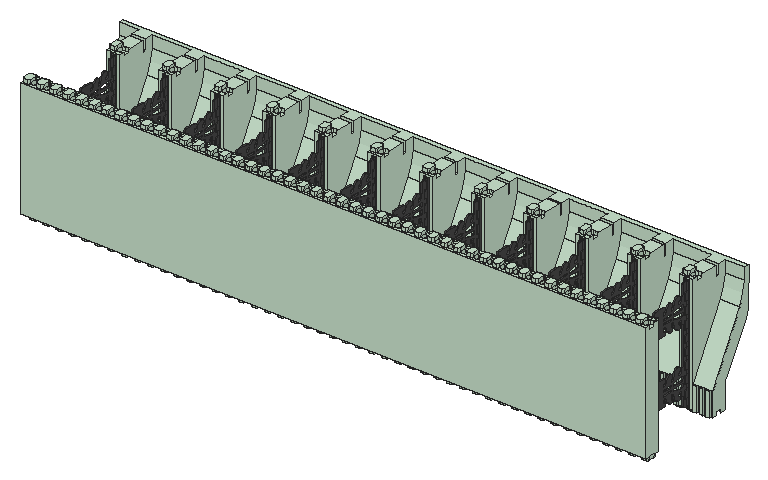
Revit family "ICF- NUDURA 10-inch- Brick Ledge Form Unit- Imperial", category Generic Models, Revit 2010 (continued)
Forms (in)
  Extrusion 106, void
    sketch origin (90, -4, 0) x (-1, 0, 0) y (0, -1, 0)
      loop
        line (2, 3.97692) -> (2, 4.89808)
        arc (2, 4.89808) -> (1.95215, 5.04517) -> (1.82692, 5.13595) r 0.25
        arc (1.82692, 5.13595) -> (1.5, 5.1875) -> (1.17308, 5.13595) r 1.0625
        arc (1.17308, 5.13595) -> (1.04785, 5.04517) -> (1, 4.89808) r 0.25
    from 0 to 0.5
  Extrusion 107, void
    sketch origin (92, -4, 0) x (-1, 0, 0) y (0, -1, 0)
      loop
        line (1, 4.89808) -> (1, 3.97692)
        arc (1, 3.97692) -> (1.04785, 3.82983) -> (1.17308, 3.73905) r 0.25
        arc (1.17308, 3.73905) -> (1.42092, 3.69045) -> (1.67323, 3.70172) r 1.0625
        arc (1.67323, 3.70172) -> (1.72385, 3.68771) -> (1.74592, 3.64005) r 0.0625
        line (1.74592, 3.64005) -> (1.74592, 3.41845) -> (1.91675, 3.41845) -> (1.91675, 3.76455)
        arc (1.91675, 3.76455) -> (1.92106, 3.78736) -> (1.9334, 3.80702) r 0.0625
        arc (1.9334, 3.80702) -> (1.98276, 3.88568) -> (2, 3.97692) r 0.25
        line (2, 3.97692) -> (2, 4.89808)
        arc (2, 4.89808) -> (1.95215, 5.04517) -> (1.82692, 5.13595) r 0.25
        arc (1.82692, 5.13595) -> (1.5, 5.1875) -> (1.17308, 5.13595) r 1.0625
        arc (1.17308, 5.13595) -> (1.04785, 5.04517) -> (1, 4.89808) r 0.25
    from 0 to 0.5
  Extrusion 108, void
    sketch origin (94, -4, 0) x (-1, 0, 0) y (0, -1, 0)
      loop
        line (1, 4.89808) -> (1, 3.97692)
        arc (1, 3.97692) -> (1.04785, 3.82983) -> (1.17308, 3.73905) r 0.25
        arc (1.17308, 3.73905) -> (1.42092, 3.69045) -> (1.67323, 3.70172) r 1.0625
        arc (1.67323, 3.70172) -> (1.72385, 3.68771) -> (1.74592, 3.64005) r 0.0625
        line (1.74592, 3.64005) -> (1.74592, 3.41845) -> (1.91675, 3.41845) -> (1.91675, 3.76455)
        arc (1.91675, 3.76455) -> (1.92106, 3.78736) -> (1.9334, 3.80702) r 0.0625
        arc (1.9334, 3.80702) -> (1.98276, 3.88568) -> (2, 3.97692) r 0.25
        line (2, 3.97692) -> (2, 4.89808)
        arc (2, 4.89808) -> (1.95215, 5.04517) -> (1.82692, 5.13595) r 0.25
        arc (1.82692, 5.13595) -> (1.5, 5.1875) -> (1.17308, 5.13595) r 1.0625
        arc (1.17308, 5.13595) -> (1.04785, 5.04517) -> (1, 4.89808) r 0.25
    from 0 to 0.5
  Extrusion 109, void
    sketch origin (96, -4, 0) x (-1, 0, 0) y (0, -1, 0)
      loop
        line (1, 4.89808) -> (1, 3.97692)
        arc (1, 3.97692) -> (1.04785, 3.82983) -> (1.17308, 3.73905) r 0.25
        arc (1.17308, 3.73905) -> (1.42092, 3.69045) -> (1.67323, 3.70172) r 1.0625
        arc (1.67323, 3.70172) -> (1.72385, 3.68771) -> (1.74592, 3.64005) r 0.0625
        line (1.74592, 3.64005) -> (1.74592, 3.41845) -> (1.91675, 3.41845) -> (1.91675, 3.76455)
        arc (1.91675, 3.76455) -> (1.92106, 3.78736) -> (1.9334, 3.80702) r 0.0625
        arc (1.9334, 3.80702) -> (1.98276, 3.88568) -> (2, 3.97692) r 0.25
        line (2, 3.97692) -> (2, 4.89808)
        arc (2, 4.89808) -> (1.95215, 5.04517) -> (1.82692, 5.13595) r 0.25
        arc (1.82692, 5.13595) -> (1.5, 5.1875) -> (1.17308, 5.13595) r 1.0625
        arc (1.17308, 5.13595) -> (1.04785, 5.04517) -> (1, 4.89808) r 0.25
    from 0 to 0.5
  Extrusion 110, void
    sketch origin (94, 0, 0) x (1, 0, 0) y (0, 1, 0)
      loop
        line (1, 4.89808) -> (1, 3.97692)
        arc (1, 3.97692) -> (1.04785, 3.82983) -> (1.17308, 3.73905) r 0.25
        arc (1.17308, 3.73905) -> (1.42092, 3.69045) -> (1.67323, 3.70172) r 1.0625
        arc (1.67323, 3.70172) -> (1.72385, 3.68771) -> (1.74592, 3.64005) r 0.0625
        line (1.74592, 3.64005) -> (1.74592, 3.41845) -> (1.91675, 3.41845) -> (1.91675, 3.76455)
        arc (1.91675, 3.76455) -> (1.92106, 3.78736) -> (1.9334, 3.80702) r 0.0625
        arc (1.9334, 3.80702) -> (1.98276, 3.88568) -> (2, 3.97692) r 0.25
        line (2, 3.97692) -> (2, 4.89808)
        arc (2, 4.89808) -> (1.95215, 5.04517) -> (1.82692, 5.13595) r 0.25
        arc (1.82692, 5.13595) -> (1.5, 5.1875) -> (1.17308, 5.13595) r 1.0625
        arc (1.17308, 5.13595) -> (1.04785, 5.04517) -> (1, 4.89808) r 0.25
    from 0 to 0.5
  Extrusion 111, void
    sketch origin (92, 0, 0) x (1, 0, 0) y (0, 1, 0)
      loop
        line (1, 4.89808) -> (1, 3.97692)
        arc (1, 3.97692) -> (1.04785, 3.82983) -> (1.17308, 3.73905) r 0.25
        arc (1.17308, 3.73905) -> (1.42092, 3.69045) -> (1.67323, 3.70172) r 1.0625
        arc (1.67323, 3.70172) -> (1.72385, 3.68771) -> (1.74592, 3.64005) r 0.0625
        line (1.74592, 3.64005) -> (1.74592, 3.41845) -> (1.91675, 3.41845) -> (1.91675, 3.76455)
        arc (1.91675, 3.76455) -> (1.92106, 3.78736) -> (1.9334, 3.80702) r 0.0625
        arc (1.9334, 3.80702) -> (1.98276, 3.88568) -> (2, 3.97692) r 0.25
        line (2, 3.97692) -> (2, 4.89808)
        arc (2, 4.89808) -> (1.95215, 5.04517) -> (1.82692, 5.13595) r 0.25
        arc (1.82692, 5.13595) -> (1.5, 5.1875) -> (1.17308, 5.13595) r 1.0625
        arc (1.17308, 5.13595) -> (1.04785, 5.04517) -> (1, 4.89808) r 0.25
    from 0 to 0.5
  Extrusion 112, void
    sketch origin (90, 0, 0) x (1, 0, 0) y (0, 1, 0)
      loop
        line (1, 4.89808) -> (1, 3.97692)
        arc (1, 3.97692) -> (1.04785, 3.82983) -> (1.17308, 3.73905) r 0.25
        arc (1.17308, 3.73905) -> (1.42092, 3.69045) -> (1.67323, 3.70172) r 1.0625
        arc (1.67323, 3.70172) -> (1.72385, 3.68771) -> (1.74592, 3.64005) r 0.0625
        line (1.74592, 3.64005) -> (1.74592, 3.41845) -> (1.91675, 3.41845) -> (1.91675, 3.76455)
        arc (1.91675, 3.76455) -> (1.92106, 3.78736) -> (1.9334, 3.80702) r 0.0625
        arc (1.9334, 3.80702) -> (1.98276, 3.88568) -> (2, 3.97692) r 0.25
        line (2, 3.97692) -> (2, 4.89808)
        arc (2, 4.89808) -> (1.95215, 5.04517) -> (1.82692, 5.13595) r 0.25
        arc (1.82692, 5.13595) -> (1.5, 5.1875) -> (1.17308, 5.13595) r 1.0625
        arc (1.17308, 5.13595) -> (1.04785, 5.04517) -> (1, 4.89808) r 0.25
    from 0 to 0.5
  Extrusion 113, void
    sketch origin (88, 0, 0) x (1, 0, 0) y (0, 1, 0)
      loop
        line (1, 4.89808) -> (1, 3.97692)
        arc (1, 3.97692) -> (1.04785, 3.82983) -> (1.17308, 3.73905) r 0.25
        arc (1.17308, 3.73905) -> (1.42092, 3.69045) -> (1.67323, 3.70172) r 1.0625
        arc (1.67323, 3.70172) -> (1.72385, 3.68771) -> (1.74592, 3.64005) r 0.0625
        line (1.74592, 3.64005) -> (1.74592, 3.41845) -> (1.91675, 3.41845) -> (1.91675, 3.76455)
        arc (1.91675, 3.76455) -> (1.92106, 3.78736) -> (1.9334, 3.80702) r 0.0625
        arc (1.9334, 3.80702) -> (1.98276, 3.88568) -> (2, 3.97692) r 0.25
        line (2, 3.97692) -> (2, 4.89808)
        arc (2, 4.89808) -> (1.95215, 5.04517) -> (1.82692, 5.13595) r 0.25
        arc (1.82692, 5.13595) -> (1.5, 5.1875) -> (1.17308, 5.13595) r 1.0625
        arc (1.17308, 5.13595) -> (1.04785, 5.04517) -> (1, 4.89808) r 0.25
    from 0 to 0.5
  Extrusion 114, void
    sketch origin (86, 0, 0) x (1, 0, 0) y (0, 1, 0)
      loop
        line (1, 4.89808) -> (1, 3.97692)
        arc (1, 3.97692) -> (1.04785, 3.82983) -> (1.17308, 3.73905) r 0.25
        arc (1.17308, 3.73905) -> (1.42092, 3.69045) -> (1.67323, 3.70172) r 1.0625
        arc (1.67323, 3.70172) -> (1.72385, 3.68771) -> (1.74592, 3.64005) r 0.0625
        line (1.74592, 3.64005) -> (1.74592, 3.41845) -> (1.91675, 3.41845) -> (1.91675, 3.76455)
        arc (1.91675, 3.76455) -> (1.92106, 3.78736) -> (1.9334, 3.80702) r 0.0625
        arc (1.9334, 3.80702) -> (1.98276, 3.88568) -> (2, 3.97692) r 0.25
        line (2, 3.97692) -> (2, 4.89808)
        arc (2, 4.89808) -> (1.95215, 5.04517) -> (1.82692, 5.13595) r 0.25
        arc (1.82692, 5.13595) -> (1.5, 5.1875) -> (1.17308, 5.13595) r 1.0625
        arc (1.17308, 5.13595) -> (1.04785, 5.04517) -> (1, 4.89808) r 0.25
    from 0 to 0.5
  Extrusion 115, void
    sketch origin (84, 0, 0) x (1, 0, 0) y (0, 1, 0)
      loop
        line (1, 4.89808) -> (1, 3.97692)
        arc (1, 3.97692) -> (1.04785, 3.82983) -> (1.17308, 3.73905) r 0.25
        arc (1.17308, 3.73905) -> (1.42092, 3.69045) -> (1.67323, 3.70172) r 1.0625
        arc (1.67323, 3.70172) -> (1.72385, 3.68771) -> (1.74592, 3.64005) r 0.0625
        line (1.74592, 3.64005) -> (1.74592, 3.41845) -> (1.91675, 3.41845) -> (1.91675, 3.76455)
        arc (1.91675, 3.76455) -> (1.92106, 3.78736) -> (1.9334, 3.80702) r 0.0625
        arc (1.9334, 3.80702) -> (1.98276, 3.88568) -> (2, 3.97692) r 0.25
        line (2, 3.97692) -> (2, 4.89808)
        arc (2, 4.89808) -> (1.95215, 5.04517) -> (1.82692, 5.13595) r 0.25
        arc (1.82692, 5.13595) -> (1.5, 5.1875) -> (1.17308, 5.13595) r 1.0625
        arc (1.17308, 5.13595) -> (1.04785, 5.04517) -> (1, 4.89808) r 0.25
    from 0 to 0.5
  Extrusion 116, void
    sketch origin (82, 0, 0) x (1, 0, 0) y (0, 1, 0)
      loop
        line (1, 4.89808) -> (1, 3.97692)
        arc (1, 3.97692) -> (1.04785, 3.82983) -> (1.17308, 3.73905) r 0.25
        arc (1.17308, 3.73905) -> (1.42092, 3.69045) -> (1.67323, 3.70172) r 1.0625
        arc (1.67323, 3.70172) -> (1.72385, 3.68771) -> (1.74592, 3.64005) r 0.0625
        line (1.74592, 3.64005) -> (1.74592, 3.41845) -> (1.91675, 3.41845) -> (1.91675, 3.76455)
        arc (1.91675, 3.76455) -> (1.92106, 3.78736) -> (1.9334, 3.80702) r 0.0625
        arc (1.9334, 3.80702) -> (1.98276, 3.88568) -> (2, 3.97692) r 0.25
        line (2, 3.97692) -> (2, 4.89808)
        arc (2, 4.89808) -> (1.95215, 5.04517) -> (1.82692, 5.13595) r 0.25
        arc (1.82692, 5.13595) -> (1.5, 5.1875) -> (1.17308, 5.13595) r 1.0625
        arc (1.17308, 5.13595) -> (1.04785, 5.04517) -> (1, 4.89808) r 0.25
    from 0 to 0.5
  Extrusion 117, void
    sketch origin (80, 0, 0) x (1, 0, 0) y (0, 1, 0)
      loop
        line (1, 4.89808) -> (1, 3.97692)
        arc (1, 3.97692) -> (1.04785, 3.82983) -> (1.17308, 3.73905) r 0.25
        arc (1.17308, 3.73905) -> (1.42092, 3.69045) -> (1.67323, 3.70172) r 1.0625
        arc (1.67323, 3.70172) -> (1.72385, 3.68771) -> (1.74592, 3.64005) r 0.0625
        line (1.74592, 3.64005) -> (1.74592, 3.41845) -> (1.91675, 3.41845) -> (1.91675, 3.76455)
        arc (1.91675, 3.76455) -> (1.92106, 3.78736) -> (1.9334, 3.80702) r 0.0625
        arc (1.9334, 3.80702) -> (1.98276, 3.88568) -> (2, 3.97692) r 0.25
        line (2, 3.97692) -> (2, 4.89808)
        arc (2, 4.89808) -> (1.95215, 5.04517) -> (1.82692, 5.13595) r 0.25
        arc (1.82692, 5.13595) -> (1.5, 5.1875) -> (1.17308, 5.13595) r 1.0625
        arc (1.17308, 5.13595) -> (1.04785, 5.04517) -> (1, 4.89808) r 0.25
    from 0 to 0.5
  Extrusion 118, void
    sketch origin (78, 0, 0) x (1, 0, 0) y (0, 1, 0)
      loop
        line (1, 4.89808) -> (1, 3.97692)
        arc (1, 3.97692) -> (1.04785, 3.82983) -> (1.17308, 3.73905) r 0.25
        arc (1.17308, 3.73905) -> (1.42092, 3.69045) -> (1.67323, 3.70172) r 1.0625
        arc (1.67323, 3.70172) -> (1.72385, 3.68771) -> (1.74592, 3.64005) r 0.0625
        line (1.74592, 3.64005) -> (1.74592, 3.41845) -> (1.91675, 3.41845) -> (1.91675, 3.76455)
        arc (1.91675, 3.76455) -> (1.92106, 3.78736) -> (1.9334, 3.80702) r 0.0625
        arc (1.9334, 3.80702) -> (1.98276, 3.88568) -> (2, 3.97692) r 0.25
        line (2, 3.97692) -> (2, 4.89808)
        arc (2, 4.89808) -> (1.95215, 5.04517) -> (1.82692, 5.13595) r 0.25
        arc (1.82692, 5.13595) -> (1.5, 5.1875) -> (1.17308, 5.13595) r 1.0625
        arc (1.17308, 5.13595) -> (1.04785, 5.04517) -> (1, 4.89808) r 0.25
    from 0 to 0.5
  Extrusion 119, void
    sketch origin (76, 0, 0) x (1, 0, 0) y (0, 1, 0)
      loop
        line (1, 4.89808) -> (1, 3.97692)
        arc (1, 3.97692) -> (1.04785, 3.82983) -> (1.17308, 3.73905) r 0.25
        arc (1.17308, 3.73905) -> (1.42092, 3.69045) -> (1.67323, 3.70172) r 1.0625
        arc (1.67323, 3.70172) -> (1.72385, 3.68771) -> (1.74592, 3.64005) r 0.0625
        line (1.74592, 3.64005) -> (1.74592, 3.41845) -> (1.91675, 3.41845) -> (1.91675, 3.76455)
        arc (1.91675, 3.76455) -> (1.92106, 3.78736) -> (1.9334, 3.80702) r 0.0625
        arc (1.9334, 3.80702) -> (1.98276, 3.88568) -> (2, 3.97692) r 0.25
        line (2, 3.97692) -> (2, 4.89808)
        arc (2, 4.89808) -> (1.95215, 5.04517) -> (1.82692, 5.13595) r 0.25
        arc (1.82692, 5.13595) -> (1.5, 5.1875) -> (1.17308, 5.13595) r 1.0625
        arc (1.17308, 5.13595) -> (1.04785, 5.04517) -> (1, 4.89808) r 0.25
    from 0 to 0.5
  Extrusion 120, void
    sketch origin (74, 0, 0) x (1, 0, 0) y (0, 1, 0)
      loop
        line (1, 4.89808) -> (1, 3.97692)
        arc (1, 3.97692) -> (1.04785, 3.82983) -> (1.17308, 3.73905) r 0.25
        arc (1.17308, 3.73905) -> (1.42092, 3.69045) -> (1.67323, 3.70172) r 1.0625
        arc (1.67323, 3.70172) -> (1.72385, 3.68771) -> (1.74592, 3.64005) r 0.0625
        line (1.74592, 3.64005) -> (1.74592, 3.41845) -> (1.91675, 3.41845) -> (1.91675, 3.76455)
        arc (1.91675, 3.76455) -> (1.92106, 3.78736) -> (1.9334, 3.80702) r 0.0625
        arc (1.9334, 3.80702) -> (1.98276, 3.88568) -> (2, 3.97692) r 0.25
        line (2, 3.97692) -> (2, 4.89808)
        arc (2, 4.89808) -> (1.95215, 5.04517) -> (1.82692, 5.13595) r 0.25
        arc (1.82692, 5.13595) -> (1.5, 5.1875) -> (1.17308, 5.13595) r 1.0625
        arc (1.17308, 5.13595) -> (1.04785, 5.04517) -> (1, 4.89808) r 0.25
    from 0 to 0.5
  Extrusion 121, void
    sketch origin (72, 0, 0) x (1, 0, 0) y (0, 1, 0)
      loop
        line (1, 4.89808) -> (1, 3.97692)
        arc (1, 3.97692) -> (1.04785, 3.82983) -> (1.17308, 3.73905) r 0.25
        arc (1.17308, 3.73905) -> (1.42092, 3.69045) -> (1.67323, 3.70172) r 1.0625
        arc (1.67323, 3.70172) -> (1.72385, 3.68771) -> (1.74592, 3.64005) r 0.0625
        line (1.74592, 3.64005) -> (1.74592, 3.41845) -> (1.91675, 3.41845) -> (1.91675, 3.76455)
        arc (1.91675, 3.76455) -> (1.92106, 3.78736) -> (1.9334, 3.80702) r 0.0625
        arc (1.9334, 3.80702) -> (1.98276, 3.88568) -> (2, 3.97692) r 0.25
        line (2, 3.97692) -> (2, 4.89808)
        arc (2, 4.89808) -> (1.95215, 5.04517) -> (1.82692, 5.13595) r 0.25
        arc (1.82692, 5.13595) -> (1.5, 5.1875) -> (1.17308, 5.13595) r 1.0625
        arc (1.17308, 5.13595) -> (1.04785, 5.04517) -> (1, 4.89808) r 0.25
    from 0 to 0.5
  Extrusion 122, void
    sketch origin (70, 0, 0) x (1, 0, 0) y (0, 1, 0)
      loop
        line (1, 4.89808) -> (1, 3.97692)
        arc (1, 3.97692) -> (1.04785, 3.82983) -> (1.17308, 3.73905) r 0.25
        arc (1.17308, 3.73905) -> (1.42092, 3.69045) -> (1.67323, 3.70172) r 1.0625
        arc (1.67323, 3.70172) -> (1.72385, 3.68771) -> (1.74592, 3.64005) r 0.0625
        line (1.74592, 3.64005) -> (1.74592, 3.41845) -> (1.91675, 3.41845) -> (1.91675, 3.76455)
        arc (1.91675, 3.76455) -> (1.92106, 3.78736) -> (1.9334, 3.80702) r 0.0625
        arc (1.9334, 3.80702) -> (1.98276, 3.88568) -> (2, 3.97692) r 0.25
        line (2, 3.97692) -> (2, 4.89808)
        arc (2, 4.89808) -> (1.95215, 5.04517) -> (1.82692, 5.13595) r 0.25
        arc (1.82692, 5.13595) -> (1.5, 5.1875) -> (1.17308, 5.13595) r 1.0625
        arc (1.17308, 5.13595) -> (1.04785, 5.04517) -> (1, 4.89808) r 0.25
    from 0 to 0.5
  Extrusion 123, void
    sketch origin (68, 0, 0) x (1, 0, 0) y (0, 1, 0)
      loop
        line (1, 4.89808) -> (1, 3.97692)
        arc (1, 3.97692) -> (1.04785, 3.82983) -> (1.17308, 3.73905) r 0.25
        arc (1.17308, 3.73905) -> (1.42092, 3.69045) -> (1.67323, 3.70172) r 1.0625
        arc (1.67323, 3.70172) -> (1.72385, 3.68771) -> (1.74592, 3.64005) r 0.0625
        line (1.74592, 3.64005) -> (1.74592, 3.41845) -> (1.91675, 3.41845) -> (1.91675, 3.76455)
        arc (1.91675, 3.76455) -> (1.92106, 3.78736) -> (1.9334, 3.80702) r 0.0625
        arc (1.9334, 3.80702) -> (1.98276, 3.88568) -> (2, 3.97692) r 0.25
        line (2, 3.97692) -> (2, 4.89808)
        arc (2, 4.89808) -> (1.95215, 5.04517) -> (1.82692, 5.13595) r 0.25
        arc (1.82692, 5.13595) -> (1.5, 5.1875) -> (1.17308, 5.13595) r 1.0625
        arc (1.17308, 5.13595) -> (1.04785, 5.04517) -> (1, 4.89808) r 0.25
    from 0 to 0.5
  Extrusion 124, void
    sketch origin (66, 0, 0) x (1, 0, 0) y (0, 1, 0)
      loop
        line (1, 4.89808) -> (1, 3.97692)
        arc (1, 3.97692) -> (1.04785, 3.82983) -> (1.17308, 3.73905) r 0.25
        arc (1.17308, 3.73905) -> (1.42092, 3.69045) -> (1.67323, 3.70172) r 1.0625
        arc (1.67323, 3.70172) -> (1.72385, 3.68771) -> (1.74592, 3.64005) r 0.0625
        line (1.74592, 3.64005) -> (1.74592, 3.41845) -> (1.91675, 3.41845) -> (1.91675, 3.76455)
        arc (1.91675, 3.76455) -> (1.92106, 3.78736) -> (1.9334, 3.80702) r 0.0625
        arc (1.9334, 3.80702) -> (1.98276, 3.88568) -> (2, 3.97692) r 0.25
        line (2, 3.97692) -> (2, 4.89808)
        arc (2, 4.89808) -> (1.95215, 5.04517) -> (1.82692, 5.13595) r 0.25
        arc (1.82692, 5.13595) -> (1.5, 5.1875) -> (1.17308, 5.13595) r 1.0625
        arc (1.17308, 5.13595) -> (1.04785, 5.04517) -> (1, 4.89808) r 0.25
    from 0 to 0.5
  Extrusion 125, void
    sketch origin (64, 0, 0) x (1, 0, 0) y (0, 1, 0)
      loop
        line (1, 4.89808) -> (1, 3.97692)
        arc (1, 3.97692) -> (1.04785, 3.82983) -> (1.17308, 3.73905) r 0.25
        arc (1.17308, 3.73905) -> (1.42092, 3.69045) -> (1.67323, 3.70172) r 1.0625
        arc (1.67323, 3.70172) -> (1.72385, 3.68771) -> (1.74592, 3.64005) r 0.0625
        line (1.74592, 3.64005) -> (1.74592, 3.41845) -> (1.91675, 3.41845) -> (1.91675, 3.76455)
        arc (1.91675, 3.76455) -> (1.92106, 3.78736) -> (1.9334, 3.80702) r 0.0625
        arc (1.9334, 3.80702) -> (1.98276, 3.88568) -> (2, 3.97692) r 0.25
        line (2, 3.97692) -> (2, 4.89808)
        arc (2, 4.89808) -> (1.95215, 5.04517) -> (1.82692, 5.13595) r 0.25
        arc (1.82692, 5.13595) -> (1.5, 5.1875) -> (1.17308, 5.13595) r 1.0625
        arc (1.17308, 5.13595) -> (1.04785, 5.04517) -> (1, 4.89808) r 0.25
    from 0 to 0.5
  Extrusion 126, void
    sketch origin (62, 0, 0) x (1, 0, 0) y (0, 1, 0)
      loop
        line (1, 4.89808) -> (1, 3.97692)
        arc (1, 3.97692) -> (1.04785, 3.82983) -> (1.17308, 3.73905) r 0.25
        arc (1.17308, 3.73905) -> (1.42092, 3.69045) -> (1.67323, 3.70172) r 1.0625
        arc (1.67323, 3.70172) -> (1.72385, 3.68771) -> (1.74592, 3.64005) r 0.0625
        line (1.74592, 3.64005) -> (1.74592, 3.41845) -> (1.91675, 3.41845) -> (1.91675, 3.76455)
        arc (1.91675, 3.76455) -> (1.92106, 3.78736) -> (1.9334, 3.80702) r 0.0625
        arc (1.9334, 3.80702) -> (1.98276, 3.88568) -> (2, 3.97692) r 0.25
        line (2, 3.97692) -> (2, 4.89808)
        arc (2, 4.89808) -> (1.95215, 5.04517) -> (1.82692, 5.13595) r 0.25
        arc (1.82692, 5.13595) -> (1.5, 5.1875) -> (1.17308, 5.13595) r 1.0625
        arc (1.17308, 5.13595) -> (1.04785, 5.04517) -> (1, 4.89808) r 0.25
    from 0 to 0.5
  Extrusion 127, void
    sketch origin (60, 0, 0) x (1, 0, 0) y (0, 1, 0)
      loop
        line (1, 4.89808) -> (1, 3.97692)
        arc (1, 3.97692) -> (1.04785, 3.82983) -> (1.17308, 3.73905) r 0.25
        arc (1.17308, 3.73905) -> (1.42092, 3.69045) -> (1.67323, 3.70172) r 1.0625
        arc (1.67323, 3.70172) -> (1.72385, 3.68771) -> (1.74592, 3.64005) r 0.0625
        line (1.74592, 3.64005) -> (1.74592, 3.41845) -> (1.91675, 3.41845) -> (1.91675, 3.76455)
        arc (1.91675, 3.76455) -> (1.92106, 3.78736) -> (1.9334, 3.80702) r 0.0625
        arc (1.9334, 3.80702) -> (1.98276, 3.88568) -> (2, 3.97692) r 0.25
        line (2, 3.97692) -> (2, 4.89808)
        arc (2, 4.89808) -> (1.95215, 5.04517) -> (1.82692, 5.13595) r 0.25
        arc (1.82692, 5.13595) -> (1.5, 5.1875) -> (1.17308, 5.13595) r 1.0625
        arc (1.17308, 5.13595) -> (1.04785, 5.04517) -> (1, 4.89808) r 0.25
    from 0 to 0.5
  Extrusion 128, void
    sketch origin (58, 0, 0) x (1, 0, 0) y (0, 1, 0)
      loop
        line (1, 4.89808) -> (1, 3.97692)
        arc (1, 3.97692) -> (1.04785, 3.82983) -> (1.17308, 3.73905) r 0.25
        arc (1.17308, 3.73905) -> (1.42092, 3.69045) -> (1.67323, 3.70172) r 1.0625
        arc (1.67323, 3.70172) -> (1.72385, 3.68771) -> (1.74592, 3.64005) r 0.0625
        line (1.74592, 3.64005) -> (1.74592, 3.41845) -> (1.91675, 3.41845) -> (1.91675, 3.76455)
        arc (1.91675, 3.76455) -> (1.92106, 3.78736) -> (1.9334, 3.80702) r 0.0625
        arc (1.9334, 3.80702) -> (1.98276, 3.88568) -> (2, 3.97692) r 0.25
        line (2, 3.97692) -> (2, 4.89808)
        arc (2, 4.89808) -> (1.95215, 5.04517) -> (1.82692, 5.13595) r 0.25
        arc (1.82692, 5.13595) -> (1.5, 5.1875) -> (1.17308, 5.13595) r 1.0625
        arc (1.17308, 5.13595) -> (1.04785, 5.04517) -> (1, 4.89808) r 0.25
    from 0 to 0.5
  Extrusion 129, void
    sketch origin (56, 0, 0) x (1, 0, 0) y (0, 1, 0)
      loop
        line (1, 4.89808) -> (1, 3.97692)
        arc (1, 3.97692) -> (1.04785, 3.82983) -> (1.17308, 3.73905) r 0.25
        arc (1.17308, 3.73905) -> (1.42092, 3.69045) -> (1.67323, 3.70172) r 1.0625
        arc (1.67323, 3.70172) -> (1.72385, 3.68771) -> (1.74592, 3.64005) r 0.0625
        line (1.74592, 3.64005) -> (1.74592, 3.41845) -> (1.91675, 3.41845) -> (1.91675, 3.76455)
        arc (1.91675, 3.76455) -> (1.92106, 3.78736) -> (1.9334, 3.80702) r 0.0625
        arc (1.9334, 3.80702) -> (1.98276, 3.88568) -> (2, 3.97692) r 0.25
        line (2, 3.97692) -> (2, 4.89808)
        arc (2, 4.89808) -> (1.95215, 5.04517) -> (1.82692, 5.13595) r 0.25
        arc (1.82692, 5.13595) -> (1.5, 5.1875) -> (1.17308, 5.13595) r 1.0625
        arc (1.17308, 5.13595) -> (1.04785, 5.04517) -> (1, 4.89808) r 0.25
    from 0 to 0.5
  Extrusion 130, void
    sketch origin (54, 0, 0) x (1, 0, 0) y (0, 1, 0)
      loop
        line (1, 4.89808) -> (1, 3.97692)
        arc (1, 3.97692) -> (1.04785, 3.82983) -> (1.17308, 3.73905) r 0.25
        arc (1.17308, 3.73905) -> (1.42092, 3.69045) -> (1.67323, 3.70172) r 1.0625
        arc (1.67323, 3.70172) -> (1.72385, 3.68771) -> (1.74592, 3.64005) r 0.0625
        line (1.74592, 3.64005) -> (1.74592, 3.41845) -> (1.91675, 3.41845) -> (1.91675, 3.76455)
        arc (1.91675, 3.76455) -> (1.92106, 3.78736) -> (1.9334, 3.80702) r 0.0625
        arc (1.9334, 3.80702) -> (1.98276, 3.88568) -> (2, 3.97692) r 0.25
        line (2, 3.97692) -> (2, 4.89808)
        arc (2, 4.89808) -> (1.95215, 5.04517) -> (1.82692, 5.13595) r 0.25
        arc (1.82692, 5.13595) -> (1.5, 5.1875) -> (1.17308, 5.13595) r 1.0625
        arc (1.17308, 5.13595) -> (1.04785, 5.04517) -> (1, 4.89808) r 0.25
    from 0 to 0.5
  Extrusion 131, void
    sketch origin (52, 0, 0) x (1, 0, 0) y (0, 1, 0)
      loop
        line (1, 4.89808) -> (1, 3.97692)
        arc (1, 3.97692) -> (1.04785, 3.82983) -> (1.17308, 3.73905) r 0.25
        arc (1.17308, 3.73905) -> (1.42092, 3.69045) -> (1.67323, 3.70172) r 1.0625
        arc (1.67323, 3.70172) -> (1.72385, 3.68771) -> (1.74592, 3.64005) r 0.0625
        line (1.74592, 3.64005) -> (1.74592, 3.41845) -> (1.91675, 3.41845) -> (1.91675, 3.76455)
        arc (1.91675, 3.76455) -> (1.92106, 3.78736) -> (1.9334, 3.80702) r 0.0625
        arc (1.9334, 3.80702) -> (1.98276, 3.88568) -> (2, 3.97692) r 0.25
        line (2, 3.97692) -> (2, 4.89808)
        arc (2, 4.89808) -> (1.95215, 5.04517) -> (1.82692, 5.13595) r 0.25
        arc (1.82692, 5.13595) -> (1.5, 5.1875) -> (1.17308, 5.13595) r 1.0625
        arc (1.17308, 5.13595) -> (1.04785, 5.04517) -> (1, 4.89808) r 0.25
    from 0 to 0.5
  Extrusion 132, void
    sketch origin (50, 0, 0) x (1, 0, 0) y (0, 1, 0)
      loop
        line (1, 4.89808) -> (1, 3.97692)
        arc (1, 3.97692) -> (1.04785, 3.82983) -> (1.17308, 3.73905) r 0.25
        arc (1.17308, 3.73905) -> (1.42092, 3.69045) -> (1.67323, 3.70172) r 1.0625
        arc (1.67323, 3.70172) -> (1.72385, 3.68771) -> (1.74592, 3.64005) r 0.0625
        line (1.74592, 3.64005) -> (1.74592, 3.41845) -> (1.91675, 3.41845) -> (1.91675, 3.76455)
        arc (1.91675, 3.76455) -> (1.92106, 3.78736) -> (1.9334, 3.80702) r 0.0625
        arc (1.9334, 3.80702) -> (1.98276, 3.88568) -> (2, 3.97692) r 0.25
        line (2, 3.97692) -> (2, 4.89808)
        arc (2, 4.89808) -> (1.95215, 5.04517) -> (1.82692, 5.13595) r 0.25
        arc (1.82692, 5.13595) -> (1.5, 5.1875) -> (1.17308, 5.13595) r 1.0625
        arc (1.17308, 5.13595) -> (1.04785, 5.04517) -> (1, 4.89808) r 0.25
    from 0 to 0.5
  Extrusion 133, void
    sketch origin (48, 0, 0) x (1, 0, 0) y (0, 1, 0)
      loop
        line (1, 4.89808) -> (1, 3.97692)
        arc (1, 3.97692) -> (1.04785, 3.82983) -> (1.17308, 3.73905) r 0.25
        arc (1.17308, 3.73905) -> (1.42092, 3.69045) -> (1.67323, 3.70172) r 1.0625
        arc (1.67323, 3.70172) -> (1.72385, 3.68771) -> (1.74592, 3.64005) r 0.0625
        line (1.74592, 3.64005) -> (1.74592, 3.41845) -> (1.91675, 3.41845) -> (1.91675, 3.76455)
        arc (1.91675, 3.76455) -> (1.92106, 3.78736) -> (1.9334, 3.80702) r 0.0625
        arc (1.9334, 3.80702) -> (1.98276, 3.88568) -> (2, 3.97692) r 0.25
        line (2, 3.97692) -> (2, 4.89808)
        arc (2, 4.89808) -> (1.95215, 5.04517) -> (1.82692, 5.13595) r 0.25
        arc (1.82692, 5.13595) -> (1.5, 5.1875) -> (1.17308, 5.13595) r 1.0625
        arc (1.17308, 5.13595) -> (1.04785, 5.04517) -> (1, 4.89808) r 0.25
    from 0 to 0.5
  Extrusion 134, void
    sketch origin (46, 0, 0) x (1, 0, 0) y (0, 1, 0)
      loop
        line (1, 4.89808) -> (1, 3.97692)
        arc (1, 3.97692) -> (1.04785, 3.82983) -> (1.17308, 3.73905) r 0.25
        arc (1.17308, 3.73905) -> (1.42092, 3.69045) -> (1.67323, 3.70172) r 1.0625
        arc (1.67323, 3.70172) -> (1.72385, 3.68771) -> (1.74592, 3.64005) r 0.0625
        line (1.74592, 3.64005) -> (1.74592, 3.41845) -> (1.91675, 3.41845) -> (1.91675, 3.76455)
        arc (1.91675, 3.76455) -> (1.92106, 3.78736) -> (1.9334, 3.80702) r 0.0625
        arc (1.9334, 3.80702) -> (1.98276, 3.88568) -> (2, 3.97692) r 0.25
        line (2, 3.97692) -> (2, 4.89808)
        arc (2, 4.89808) -> (1.95215, 5.04517) -> (1.82692, 5.13595) r 0.25
        arc (1.82692, 5.13595) -> (1.5, 5.1875) -> (1.17308, 5.13595) r 1.0625
        arc (1.17308, 5.13595) -> (1.04785, 5.04517) -> (1, 4.89808) r 0.25
    from 0 to 0.5
  Extrusion 135, void
    sketch origin (44, 0, 0) x (1, 0, 0) y (0, 1, 0)
      loop
        line (1, 4.89808) -> (1, 3.97692)
        arc (1, 3.97692) -> (1.04785, 3.82983) -> (1.17308, 3.73905) r 0.25
        arc (1.17308, 3.73905) -> (1.42092, 3.69045) -> (1.67323, 3.70172) r 1.0625
        arc (1.67323, 3.70172) -> (1.72385, 3.68771) -> (1.74592, 3.64005) r 0.0625
        line (1.74592, 3.64005) -> (1.74592, 3.41845) -> (1.91675, 3.41845) -> (1.91675, 3.76455)
        arc (1.91675, 3.76455) -> (1.92106, 3.78736) -> (1.9334, 3.80702) r 0.0625
        arc (1.9334, 3.80702) -> (1.98276, 3.88568) -> (2, 3.97692) r 0.25
        line (2, 3.97692) -> (2, 4.89808)
        arc (2, 4.89808) -> (1.95215, 5.04517) -> (1.82692, 5.13595) r 0.25
        arc (1.82692, 5.13595) -> (1.5, 5.1875) -> (1.17308, 5.13595) r 1.0625
        arc (1.17308, 5.13595) -> (1.04785, 5.04517) -> (1, 4.89808) r 0.25
    from 0 to 0.5
  Extrusion 136, void
    sketch origin (42, 0, 0) x (1, 0, 0) y (0, 1, 0)
      loop
        line (1, 4.89808) -> (1, 3.97692)
        arc (1, 3.97692) -> (1.04785, 3.82983) -> (1.17308, 3.73905) r 0.25
        arc (1.17308, 3.73905) -> (1.42092, 3.69045) -> (1.67323, 3.70172) r 1.0625
        arc (1.67323, 3.70172) -> (1.72385, 3.68771) -> (1.74592, 3.64005) r 0.0625
        line (1.74592, 3.64005) -> (1.74592, 3.41845) -> (1.91675, 3.41845) -> (1.91675, 3.76455)
        arc (1.91675, 3.76455) -> (1.92106, 3.78736) -> (1.9334, 3.80702) r 0.0625
        arc (1.9334, 3.80702) -> (1.98276, 3.88568) -> (2, 3.97692) r 0.25
        line (2, 3.97692) -> (2, 4.89808)
        arc (2, 4.89808) -> (1.95215, 5.04517) -> (1.82692, 5.13595) r 0.25
        arc (1.82692, 5.13595) -> (1.5, 5.1875) -> (1.17308, 5.13595) r 1.0625
        arc (1.17308, 5.13595) -> (1.04785, 5.04517) -> (1, 4.89808) r 0.25
    from 0 to 0.5
  Extrusion 137, void
    sketch origin (40, 0, 0) x (1, 0, 0) y (0, 1, 0)
      loop
        line (1, 4.89808) -> (1, 3.97692)
        arc (1, 3.97692) -> (1.04785, 3.82983) -> (1.17308, 3.73905) r 0.25
        arc (1.17308, 3.73905) -> (1.42092, 3.69045) -> (1.67323, 3.70172) r 1.0625
        arc (1.67323, 3.70172) -> (1.72385, 3.68771) -> (1.74592, 3.64005) r 0.0625
        line (1.74592, 3.64005) -> (1.74592, 3.41845) -> (1.91675, 3.41845) -> (1.91675, 3.76455)
        arc (1.91675, 3.76455) -> (1.92106, 3.78736) -> (1.9334, 3.80702) r 0.0625
        arc (1.9334, 3.80702) -> (1.98276, 3.88568) -> (2, 3.97692) r 0.25
        line (2, 3.97692) -> (2, 4.89808)
        arc (2, 4.89808) -> (1.95215, 5.04517) -> (1.82692, 5.13595) r 0.25
        arc (1.82692, 5.13595) -> (1.5, 5.1875) -> (1.17308, 5.13595) r 1.0625
        arc (1.17308, 5.13595) -> (1.04785, 5.04517) -> (1, 4.89808) r 0.25
    from 0 to 0.5
  Extrusion 138, void
    sketch origin (38, 0, 0) x (1, 0, 0) y (0, 1, 0)
      loop
        line (1, 4.89808) -> (1, 3.97692)
        arc (1, 3.97692) -> (1.04785, 3.82983) -> (1.17308, 3.73905) r 0.25
        arc (1.17308, 3.73905) -> (1.42092, 3.69045) -> (1.67323, 3.70172) r 1.0625
        arc (1.67323, 3.70172) -> (1.72385, 3.68771) -> (1.74592, 3.64005) r 0.0625
        line (1.74592, 3.64005) -> (1.74592, 3.41845) -> (1.91675, 3.41845) -> (1.91675, 3.76455)
        arc (1.91675, 3.76455) -> (1.92106, 3.78736) -> (1.9334, 3.80702) r 0.0625
        arc (1.9334, 3.80702) -> (1.98276, 3.88568) -> (2, 3.97692) r 0.25
        line (2, 3.97692) -> (2, 4.89808)
        arc (2, 4.89808) -> (1.95215, 5.04517) -> (1.82692, 5.13595) r 0.25
        arc (1.82692, 5.13595) -> (1.5, 5.1875) -> (1.17308, 5.13595) r 1.0625
        arc (1.17308, 5.13595) -> (1.04785, 5.04517) -> (1, 4.89808) r 0.25
    from 0 to 0.5
  Extrusion 139, void
    sketch origin (36, 0, 0) x (1, 0, 0) y (0, 1, 0)
      loop
        line (1, 4.89808) -> (1, 3.97692)
        arc (1, 3.97692) -> (1.04785, 3.82983) -> (1.17308, 3.73905) r 0.25
        arc (1.17308, 3.73905) -> (1.42092, 3.69045) -> (1.67323, 3.70172) r 1.0625
        arc (1.67323, 3.70172) -> (1.72385, 3.68771) -> (1.74592, 3.64005) r 0.0625
        line (1.74592, 3.64005) -> (1.74592, 3.41845) -> (1.91675, 3.41845) -> (1.91675, 3.76455)
        arc (1.91675, 3.76455) -> (1.92106, 3.78736) -> (1.9334, 3.80702) r 0.0625
        arc (1.9334, 3.80702) -> (1.98276, 3.88568) -> (2, 3.97692) r 0.25
        line (2, 3.97692) -> (2, 4.89808)
        arc (2, 4.89808) -> (1.95215, 5.04517) -> (1.82692, 5.13595) r 0.25
        arc (1.82692, 5.13595) -> (1.5, 5.1875) -> (1.17308, 5.13595) r 1.0625
        arc (1.17308, 5.13595) -> (1.04785, 5.04517) -> (1, 4.89808) r 0.25
    from 0 to 0.5
  Extrusion 140, void
    sketch origin (34, 0, 0) x (1, 0, 0) y (0, 1, 0)
      loop
        line (1, 4.89808) -> (1, 3.97692)
        arc (1, 3.97692) -> (1.04785, 3.82983) -> (1.17308, 3.73905) r 0.25
        arc (1.17308, 3.73905) -> (1.42092, 3.69045) -> (1.67323, 3.70172) r 1.0625
        arc (1.67323, 3.70172) -> (1.72385, 3.68771) -> (1.74592, 3.64005) r 0.0625
        line (1.74592, 3.64005) -> (1.74592, 3.41845) -> (1.91675, 3.41845) -> (1.91675, 3.76455)
        arc (1.91675, 3.76455) -> (1.92106, 3.78736) -> (1.9334, 3.80702) r 0.0625
        arc (1.9334, 3.80702) -> (1.98276, 3.88568) -> (2, 3.97692) r 0.25
        line (2, 3.97692) -> (2, 4.89808)
        arc (2, 4.89808) -> (1.95215, 5.04517) -> (1.82692, 5.13595) r 0.25
        arc (1.82692, 5.13595) -> (1.5, 5.1875) -> (1.17308, 5.13595) r 1.0625
        arc (1.17308, 5.13595) -> (1.04785, 5.04517) -> (1, 4.89808) r 0.25
    from 0 to 0.5
  Extrusion 141, void
    sketch origin (32, 0, 0) x (1, 0, 0) y (0, 1, 0)
      loop
        line (1, 4.89808) -> (1, 3.97692)
        arc (1, 3.97692) -> (1.04785, 3.82983) -> (1.17308, 3.73905) r 0.25
        arc (1.17308, 3.73905) -> (1.42092, 3.69045) -> (1.67323, 3.70172) r 1.0625
        arc (1.67323, 3.70172) -> (1.72385, 3.68771) -> (1.74592, 3.64005) r 0.0625
        line (1.74592, 3.64005) -> (1.74592, 3.41845) -> (1.91675, 3.41845) -> (1.91675, 3.76455)
        arc (1.91675, 3.76455) -> (1.92106, 3.78736) -> (1.9334, 3.80702) r 0.0625
        arc (1.9334, 3.80702) -> (1.98276, 3.88568) -> (2, 3.97692) r 0.25
        line (2, 3.97692) -> (2, 4.89808)
        arc (2, 4.89808) -> (1.95215, 5.04517) -> (1.82692, 5.13595) r 0.25
        arc (1.82692, 5.13595) -> (1.5, 5.1875) -> (1.17308, 5.13595) r 1.0625
        arc (1.17308, 5.13595) -> (1.04785, 5.04517) -> (1, 4.89808) r 0.25
    from 0 to 0.5
  Extrusion 142, void
    sketch origin (30, 0, 0) x (1, 0, 0) y (0, 1, 0)
      loop
        line (1, 4.89808) -> (1, 3.97692)
        arc (1, 3.97692) -> (1.04785, 3.82983) -> (1.17308, 3.73905) r 0.25
        arc (1.17308, 3.73905) -> (1.42092, 3.69045) -> (1.67323, 3.70172) r 1.0625
        arc (1.67323, 3.70172) -> (1.72385, 3.68771) -> (1.74592, 3.64005) r 0.0625
        line (1.74592, 3.64005) -> (1.74592, 3.41845) -> (1.91675, 3.41845) -> (1.91675, 3.76455)
        arc (1.91675, 3.76455) -> (1.92106, 3.78736) -> (1.9334, 3.80702) r 0.0625
        arc (1.9334, 3.80702) -> (1.98276, 3.88568) -> (2, 3.97692) r 0.25
        line (2, 3.97692) -> (2, 4.89808)
        arc (2, 4.89808) -> (1.95215, 5.04517) -> (1.82692, 5.13595) r 0.25
        arc (1.82692, 5.13595) -> (1.5, 5.1875) -> (1.17308, 5.13595) r 1.0625
        arc (1.17308, 5.13595) -> (1.04785, 5.04517) -> (1, 4.89808) r 0.25
    from 0 to 0.5
  Extrusion 143, void
    sketch origin (28, 0, 0) x (1, 0, 0) y (0, 1, 0)
      loop
        line (1, 4.89808) -> (1, 3.97692)
        arc (1, 3.97692) -> (1.04785, 3.82983) -> (1.17308, 3.73905) r 0.25
        arc (1.17308, 3.73905) -> (1.42092, 3.69045) -> (1.67323, 3.70172) r 1.0625
        arc (1.67323, 3.70172) -> (1.72385, 3.68771) -> (1.74592, 3.64005) r 0.0625
        line (1.74592, 3.64005) -> (1.74592, 3.41845) -> (1.91675, 3.41845) -> (1.91675, 3.76455)
        arc (1.91675, 3.76455) -> (1.92106, 3.78736) -> (1.9334, 3.80702) r 0.0625
        arc (1.9334, 3.80702) -> (1.98276, 3.88568) -> (2, 3.97692) r 0.25
        line (2, 3.97692) -> (2, 4.89808)
        arc (2, 4.89808) -> (1.95215, 5.04517) -> (1.82692, 5.13595) r 0.25
        arc (1.82692, 5.13595) -> (1.5, 5.1875) -> (1.17308, 5.13595) r 1.0625
        arc (1.17308, 5.13595) -> (1.04785, 5.04517) -> (1, 4.89808) r 0.25
    from 0 to 0.5
  Extrusion 144, void
    sketch origin (26, 0, 0) x (1, 0, 0) y (0, 1, 0)
      loop
        line (1, 4.89808) -> (1, 3.97692)
        arc (1, 3.97692) -> (1.04785, 3.82983) -> (1.17308, 3.73905) r 0.25
        arc (1.17308, 3.73905) -> (1.42092, 3.69045) -> (1.67323, 3.70172) r 1.0625
        arc (1.67323, 3.70172) -> (1.72385, 3.68771) -> (1.74592, 3.64005) r 0.0625
        line (1.74592, 3.64005) -> (1.74592, 3.41845) -> (1.91675, 3.41845) -> (1.91675, 3.76455)
        arc (1.91675, 3.76455) -> (1.92106, 3.78736) -> (1.9334, 3.80702) r 0.0625
        arc (1.9334, 3.80702) -> (1.98276, 3.88568) -> (2, 3.97692) r 0.25
        line (2, 3.97692) -> (2, 4.89808)
        arc (2, 4.89808) -> (1.95215, 5.04517) -> (1.82692, 5.13595) r 0.25
        arc (1.82692, 5.13595) -> (1.5, 5.1875) -> (1.17308, 5.13595) r 1.0625
        arc (1.17308, 5.13595) -> (1.04785, 5.04517) -> (1, 4.89808) r 0.25
    from 0 to 0.5
  Extrusion 145, void
    sketch origin (24, 0, 0) x (1, 0, 0) y (0, 1, 0)
      loop
        line (1, 4.89808) -> (1, 3.97692)
        arc (1, 3.97692) -> (1.04785, 3.82983) -> (1.17308, 3.73905) r 0.25
        arc (1.17308, 3.73905) -> (1.42092, 3.69045) -> (1.67323, 3.70172) r 1.0625
        arc (1.67323, 3.70172) -> (1.72385, 3.68771) -> (1.74592, 3.64005) r 0.0625
        line (1.74592, 3.64005) -> (1.74592, 3.41845) -> (1.91675, 3.41845) -> (1.91675, 3.76455)
        arc (1.91675, 3.76455) -> (1.92106, 3.78736) -> (1.9334, 3.80702) r 0.0625
        arc (1.9334, 3.80702) -> (1.98276, 3.88568) -> (2, 3.97692) r 0.25
        line (2, 3.97692) -> (2, 4.89808)
        arc (2, 4.89808) -> (1.95215, 5.04517) -> (1.82692, 5.13595) r 0.25
        arc (1.82692, 5.13595) -> (1.5, 5.1875) -> (1.17308, 5.13595) r 1.0625
        arc (1.17308, 5.13595) -> (1.04785, 5.04517) -> (1, 4.89808) r 0.25
    from 0 to 0.5
  Extrusion 146, void
    sketch origin (22, 0, 0) x (1, 0, 0) y (0, 1, 0)
      loop
        line (1, 4.89808) -> (1, 3.97692)
        arc (1, 3.97692) -> (1.04785, 3.82983) -> (1.17308, 3.73905) r 0.25
        arc (1.17308, 3.73905) -> (1.42092, 3.69045) -> (1.67323, 3.70172) r 1.0625
        arc (1.67323, 3.70172) -> (1.72385, 3.68771) -> (1.74592, 3.64005) r 0.0625
        line (1.74592, 3.64005) -> (1.74592, 3.41845) -> (1.91675, 3.41845) -> (1.91675, 3.76455)
        arc (1.91675, 3.76455) -> (1.92106, 3.78736) -> (1.9334, 3.80702) r 0.0625
        arc (1.9334, 3.80702) -> (1.98276, 3.88568) -> (2, 3.97692) r 0.25
        line (2, 3.97692) -> (2, 4.89808)
        arc (2, 4.89808) -> (1.95215, 5.04517) -> (1.82692, 5.13595) r 0.25
        arc (1.82692, 5.13595) -> (1.5, 5.1875) -> (1.17308, 5.13595) r 1.0625
        arc (1.17308, 5.13595) -> (1.04785, 5.04517) -> (1, 4.89808) r 0.25
    from 0 to 0.5
  Extrusion 147, void
    sketch origin (20, 0, 0) x (1, 0, 0) y (0, 1, 0)
      loop
        line (1, 4.89808) -> (1, 3.97692)
        arc (1, 3.97692) -> (1.04785, 3.82983) -> (1.17308, 3.73905) r 0.25
        arc (1.17308, 3.73905) -> (1.42092, 3.69045) -> (1.67323, 3.70172) r 1.0625
        arc (1.67323, 3.70172) -> (1.72385, 3.68771) -> (1.74592, 3.64005) r 0.0625
        line (1.74592, 3.64005) -> (1.74592, 3.41845) -> (1.91675, 3.41845) -> (1.91675, 3.76455)
        arc (1.91675, 3.76455) -> (1.92106, 3.78736) -> (1.9334, 3.80702) r 0.0625
        arc (1.9334, 3.80702) -> (1.98276, 3.88568) -> (2, 3.97692) r 0.25
        line (2, 3.97692) -> (2, 4.89808)
        arc (2, 4.89808) -> (1.95215, 5.04517) -> (1.82692, 5.13595) r 0.25
        arc (1.82692, 5.13595) -> (1.5, 5.1875) -> (1.17308, 5.13595) r 1.0625
        arc (1.17308, 5.13595) -> (1.04785, 5.04517) -> (1, 4.89808) r 0.25
    from 0 to 0.5
  Extrusion 148, void
    sketch origin (18, 0, 0) x (1, 0, 0) y (0, 1, 0)
      loop
        line (1, 4.89808) -> (1, 3.97692)
        arc (1, 3.97692) -> (1.04785, 3.82983) -> (1.17308, 3.73905) r 0.25
        arc (1.17308, 3.73905) -> (1.42092, 3.69045) -> (1.67323, 3.70172) r 1.0625
        arc (1.67323, 3.70172) -> (1.72385, 3.68771) -> (1.74592, 3.64005) r 0.0625
        line (1.74592, 3.64005) -> (1.74592, 3.41845) -> (1.91675, 3.41845) -> (1.91675, 3.76455)
        arc (1.91675, 3.76455) -> (1.92106, 3.78736) -> (1.9334, 3.80702) r 0.0625
        arc (1.9334, 3.80702) -> (1.98276, 3.88568) -> (2, 3.97692) r 0.25
        line (2, 3.97692) -> (2, 4.89808)
        arc (2, 4.89808) -> (1.95215, 5.04517) -> (1.82692, 5.13595) r 0.25
        arc (1.82692, 5.13595) -> (1.5, 5.1875) -> (1.17308, 5.13595) r 1.0625
        arc (1.17308, 5.13595) -> (1.04785, 5.04517) -> (1, 4.89808) r 0.25
    from 0 to 0.5
  Extrusion 149, void
    sketch origin (16, 0, 0) x (1, 0, 0) y (0, 1, 0)
      loop
        line (1, 4.89808) -> (1, 3.97692)
        arc (1, 3.97692) -> (1.04785, 3.82983) -> (1.17308, 3.73905) r 0.25
        arc (1.17308, 3.73905) -> (1.42092, 3.69045) -> (1.67323, 3.70172) r 1.0625
        arc (1.67323, 3.70172) -> (1.72385, 3.68771) -> (1.74592, 3.64005) r 0.0625
        line (1.74592, 3.64005) -> (1.74592, 3.41845) -> (1.91675, 3.41845) -> (1.91675, 3.76455)
        arc (1.91675, 3.76455) -> (1.92106, 3.78736) -> (1.9334, 3.80702) r 0.0625
        arc (1.9334, 3.80702) -> (1.98276, 3.88568) -> (2, 3.97692) r 0.25
        line (2, 3.97692) -> (2, 4.89808)
        arc (2, 4.89808) -> (1.95215, 5.04517) -> (1.82692, 5.13595) r 0.25
        arc (1.82692, 5.13595) -> (1.5, 5.1875) -> (1.17308, 5.13595) r 1.0625
        arc (1.17308, 5.13595) -> (1.04785, 5.04517) -> (1, 4.89808) r 0.25
    from 0 to 0.5
  Extrusion 150, void
    sketch origin (14, 0, 0) x (1, 0, 0) y (0, 1, 0)
      loop
        line (1, 4.89808) -> (1, 3.97692)
        arc (1, 3.97692) -> (1.04785, 3.82983) -> (1.17308, 3.73905) r 0.25
        arc (1.17308, 3.73905) -> (1.42092, 3.69045) -> (1.67323, 3.70172) r 1.0625
        arc (1.67323, 3.70172) -> (1.72385, 3.68771) -> (1.74592, 3.64005) r 0.0625
        line (1.74592, 3.64005) -> (1.74592, 3.41845) -> (1.91675, 3.41845) -> (1.91675, 3.76455)
        arc (1.91675, 3.76455) -> (1.92106, 3.78736) -> (1.9334, 3.80702) r 0.0625
        arc (1.9334, 3.80702) -> (1.98276, 3.88568) -> (2, 3.97692) r 0.25
        line (2, 3.97692) -> (2, 4.89808)
        arc (2, 4.89808) -> (1.95215, 5.04517) -> (1.82692, 5.13595) r 0.25
        arc (1.82692, 5.13595) -> (1.5, 5.1875) -> (1.17308, 5.13595) r 1.0625
        arc (1.17308, 5.13595) -> (1.04785, 5.04517) -> (1, 4.89808) r 0.25
    from 0 to 0.5
  Extrusion 151, void
    sketch origin (12, 0, 0) x (1, 0, 0) y (0, 1, 0)
      loop
        line (1, 4.89808) -> (1, 3.97692)
        arc (1, 3.97692) -> (1.04785, 3.82983) -> (1.17308, 3.73905) r 0.25
        arc (1.17308, 3.73905) -> (1.42092, 3.69045) -> (1.67323, 3.70172) r 1.0625
        arc (1.67323, 3.70172) -> (1.72385, 3.68771) -> (1.74592, 3.64005) r 0.0625
        line (1.74592, 3.64005) -> (1.74592, 3.41845) -> (1.91675, 3.41845) -> (1.91675, 3.76455)
        arc (1.91675, 3.76455) -> (1.92106, 3.78736) -> (1.9334, 3.80702) r 0.0625
        arc (1.9334, 3.80702) -> (1.98276, 3.88568) -> (2, 3.97692) r 0.25
        line (2, 3.97692) -> (2, 4.89808)
        arc (2, 4.89808) -> (1.95215, 5.04517) -> (1.82692, 5.13595) r 0.25
        arc (1.82692, 5.13595) -> (1.5, 5.1875) -> (1.17308, 5.13595) r 1.0625
        arc (1.17308, 5.13595) -> (1.04785, 5.04517) -> (1, 4.89808) r 0.25
    from 0 to 0.5
  Extrusion 152, void
    sketch origin (10, 0, 0) x (1, 0, 0) y (0, 1, 0)
      loop
        line (1, 4.89808) -> (1, 3.97692)
        arc (1, 3.97692) -> (1.04785, 3.82983) -> (1.17308, 3.73905) r 0.25
        arc (1.17308, 3.73905) -> (1.42092, 3.69045) -> (1.67323, 3.70172) r 1.0625
        arc (1.67323, 3.70172) -> (1.72385, 3.68771) -> (1.74592, 3.64005) r 0.0625
        line (1.74592, 3.64005) -> (1.74592, 3.41845) -> (1.91675, 3.41845) -> (1.91675, 3.76455)
        arc (1.91675, 3.76455) -> (1.92106, 3.78736) -> (1.9334, 3.80702) r 0.0625
        arc (1.9334, 3.80702) -> (1.98276, 3.88568) -> (2, 3.97692) r 0.25
        line (2, 3.97692) -> (2, 4.89808)
        arc (2, 4.89808) -> (1.95215, 5.04517) -> (1.82692, 5.13595) r 0.25
        arc (1.82692, 5.13595) -> (1.5, 5.1875) -> (1.17308, 5.13595) r 1.0625
        arc (1.17308, 5.13595) -> (1.04785, 5.04517) -> (1, 4.89808) r 0.25
    from 0 to 0.5
  Extrusion 153, void
    sketch origin (8, 0, 0) x (1, 0, 0) y (0, 1, 0)
      loop
        line (1, 4.89808) -> (1, 3.97692)
        arc (1, 3.97692) -> (1.04785, 3.82983) -> (1.17308, 3.73905) r 0.25
        arc (1.17308, 3.73905) -> (1.42092, 3.69045) -> (1.67323, 3.70172) r 1.0625
        arc (1.67323, 3.70172) -> (1.72385, 3.68771) -> (1.74592, 3.64005) r 0.0625
        line (1.74592, 3.64005) -> (1.74592, 3.41845) -> (1.91675, 3.41845) -> (1.91675, 3.76455)
        arc (1.91675, 3.76455) -> (1.92106, 3.78736) -> (1.9334, 3.80702) r 0.0625
        arc (1.9334, 3.80702) -> (1.98276, 3.88568) -> (2, 3.97692) r 0.25
        line (2, 3.97692) -> (2, 4.89808)
        arc (2, 4.89808) -> (1.95215, 5.04517) -> (1.82692, 5.13595) r 0.25
        arc (1.82692, 5.13595) -> (1.5, 5.1875) -> (1.17308, 5.13595) r 1.0625
        arc (1.17308, 5.13595) -> (1.04785, 5.04517) -> (1, 4.89808) r 0.25
    from 0 to 0.5
  Extrusion 154, void
    sketch origin (6, 0, 0) x (1, 0, 0) y (0, 1, 0)
      loop
        line (1, 4.89808) -> (1, 3.97692)
        arc (1, 3.97692) -> (1.04785, 3.82983) -> (1.17308, 3.73905) r 0.25
        arc (1.17308, 3.73905) -> (1.42092, 3.69045) -> (1.67323, 3.70172) r 1.0625
        arc (1.67323, 3.70172) -> (1.72385, 3.68771) -> (1.74592, 3.64005) r 0.0625
        line (1.74592, 3.64005) -> (1.74592, 3.41845) -> (1.91675, 3.41845) -> (1.91675, 3.76455)
        arc (1.91675, 3.76455) -> (1.92106, 3.78736) -> (1.9334, 3.80702) r 0.0625
        arc (1.9334, 3.80702) -> (1.98276, 3.88568) -> (2, 3.97692) r 0.25
        line (2, 3.97692) -> (2, 4.89808)
        arc (2, 4.89808) -> (1.95215, 5.04517) -> (1.82692, 5.13595) r 0.25
        arc (1.82692, 5.13595) -> (1.5, 5.1875) -> (1.17308, 5.13595) r 1.0625
        arc (1.17308, 5.13595) -> (1.04785, 5.04517) -> (1, 4.89808) r 0.25
    from 0 to 0.5
  Extrusion 155, void
    sketch origin (4, 0, 0) x (1, 0, 0) y (0, 1, 0)
      loop
        line (1, 4.89808) -> (1, 3.97692)
        arc (1, 3.97692) -> (1.04785, 3.82983) -> (1.17308, 3.73905) r 0.25
        arc (1.17308, 3.73905) -> (1.42092, 3.69045) -> (1.67323, 3.70172) r 1.0625
        arc (1.67323, 3.70172) -> (1.72385, 3.68771) -> (1.74592, 3.64005) r 0.0625
        line (1.74592, 3.64005) -> (1.74592, 3.41845) -> (1.91675, 3.41845) -> (1.91675, 3.76455)
        arc (1.91675, 3.76455) -> (1.92106, 3.78736) -> (1.9334, 3.80702) r 0.0625
        arc (1.9334, 3.80702) -> (1.98276, 3.88568) -> (2, 3.97692) r 0.25
        line (2, 3.97692) -> (2, 4.89808)
        arc (2, 4.89808) -> (1.95215, 5.04517) -> (1.82692, 5.13595) r 0.25
        arc (1.82692, 5.13595) -> (1.5, 5.1875) -> (1.17308, 5.13595) r 1.0625
        arc (1.17308, 5.13595) -> (1.04785, 5.04517) -> (1, 4.89808) r 0.25
    from 0 to 0.5
  Extrusion 156, void
    sketch origin (2, 0, 0) x (1, 0, 0) y (0, 1, 0)
      loop
        line (1, 4.89808) -> (1, 3.97692)
        arc (1, 3.97692) -> (1.04785, 3.82983) -> (1.17308, 3.73905) r 0.25
        arc (1.17308, 3.73905) -> (1.42092, 3.69045) -> (1.67323, 3.70172) r 1.0625
        arc (1.67323, 3.70172) -> (1.72385, 3.68771) -> (1.74592, 3.64005) r 0.0625
        line (1.74592, 3.64005) -> (1.74592, 3.41845) -> (1.91675, 3.41845) -> (1.91675, 3.76455)
        arc (1.91675, 3.76455) -> (1.92106, 3.78736) -> (1.9334, 3.80702) r 0.0625
        arc (1.9334, 3.80702) -> (1.98276, 3.88568) -> (2, 3.97692) r 0.25
        line (2, 3.97692) -> (2, 4.89808)
        arc (2, 4.89808) -> (1.95215, 5.04517) -> (1.82692, 5.13595) r 0.25
        arc (1.82692, 5.13595) -> (1.5, 5.1875) -> (1.17308, 5.13595) r 1.0625
        arc (1.17308, 5.13595) -> (1.04785, 5.04517) -> (1, 4.89808) r 0.25
    from 0 to 0.5
  Extrusion 157, void
    sketch origin (0, 0, 0) x (1, 0, 0) y (0, 1, 0)
      loop
        line (1, 4.89808) -> (1, 3.97692)
        arc (1, 3.97692) -> (1.04785, 3.82983) -> (1.17308, 3.73905) r 0.25
        arc (1.17308, 3.73905) -> (1.42092, 3.69045) -> (1.67323, 3.70172) r 1.0625
        arc (1.67323, 3.70172) -> (1.72385, 3.68771) -> (1.74592, 3.64005) r 0.0625
        line (1.74592, 3.64005) -> (1.74592, 3.41845) -> (1.91675, 3.41845) -> (1.91675, 3.76455)
        arc (1.91675, 3.76455) -> (1.92106, 3.78736) -> (1.9334, 3.80702) r 0.0625
        arc (1.9334, 3.80702) -> (1.98276, 3.88568) -> (2, 3.97692) r 0.25
        line (2, 3.97692) -> (2, 4.89808)
        arc (2, 4.89808) -> (1.95215, 5.04517) -> (1.82692, 5.13595) r 0.25
        arc (1.82692, 5.13595) -> (1.5, 5.1875) -> (1.17308, 5.13595) r 1.0625
        arc (1.17308, 5.13595) -> (1.04785, 5.04517) -> (1, 4.89808) r 0.25
    from 0 to 0.5
  Extrusion 158, solid, material "NUDURA Expanded Polystyrene Foam Insulation"
    sketch origin (0, 0, 0) x (0, 1, 0) y (0, 0, 1)
      loop
        line (10.125, 13) -> (10.125, 18) -> (9.425, 18) -> (9.425, 16.25)
        arc (9.425, 16.25) -> (9.05432, 14.58521) -> (8.425, 13) r 10.75
        line (8.425, 13) -> (3.25, 3.625) -> (3.25, 0) -> (5.625, 0) -> (5.625, 3.875)
        arc (5.625, 3.875) -> (5.64627, 4.11731) -> (5.71712, 4.35) r 1.17149
        line (5.71712, 4.35) -> (9.45513, 10.5)
        arc (9.45513, 10.5) -> (9.95463, 11.70591) -> (10.125, 13) r 5
    from 0 to 96
  Extrusion 159, solid, material "NUDURA Expanded Polystyrene Foam Insulation"
    sketch origin (0, 0, 0) x (0, 1, 0) y (0, 0, 1)
      loop
        arc (8.125, 16.5) -> (7.875, 16.25) -> (7.625, 16.5) r 0.25
        line (7.625, 16.5) -> (7.625, 18) -> (3.25, 18) -> (3.25, 3.625) -> (8.425, 13)
        arc (8.425, 13) -> (9.05432, 14.58521) -> (9.425, 16.25) r 10.75
        line (9.425, 16.25) -> (9.425, 18) -> (8.125, 18) -> (8.125, 16.5)
    from 3 to 5
  Extrusion 160, solid, material "NUDURA Expanded Polystyrene Foam Insulation"
    sketch origin (0, 0, 0) x (0, 1, 0) y (0, 0, 1)
      loop
        arc (8.125, 16.5) -> (7.875, 16.25) -> (7.625, 16.5) r 0.25
        line (7.625, 16.5) -> (7.625, 18) -> (3.25, 18) -> (3.25, 3.625) -> (8.425, 13)
        arc (8.425, 13) -> (9.05432, 14.58521) -> (9.425, 16.25) r 10.75
        line (9.425, 16.25) -> (9.425, 18) -> (8.125, 18) -> (8.125, 16.5)
    from 11 to 13
  Extrusion 161, solid, material "NUDURA Expanded Polystyrene Foam Insulation"
    sketch origin (8, 0, 0) x (0, 1, 0) y (0, 0, 1)
      loop
        arc (8.125, 16.5) -> (7.875, 16.25) -> (7.625, 16.5) r 0.25
        line (7.625, 16.5) -> (7.625, 18) -> (3.25, 18) -> (3.25, 3.625) -> (8.425, 13)
        arc (8.425, 13) -> (9.05432, 14.58521) -> (9.425, 16.25) r 10.75
        line (9.425, 16.25) -> (9.425, 18) -> (8.125, 18) -> (8.125, 16.5)
    from 11 to 13
  Extrusion 162, solid, material "NUDURA Expanded Polystyrene Foam Insulation"
    sketch origin (0, 0, 0) x (0, 1, 0) y (0, 0, 1)
      loop
        line (9.425, 18) -> (8.125, 18) -> (8.125, 16.5)
        arc (8.125, 16.5) -> (7.875, 16.25) -> (7.625, 16.5) r 0.25
        line (7.625, 16.5) -> (7.625, 18) -> (3.25, 18) -> (3.25, 3.625) -> (8.425, 13)
        arc (8.425, 13) -> (9.05432, 14.58521) -> (9.425, 16.25) r 10.75
        line (9.425, 16.25) -> (9.425, 18)
    from 27 to 29
  Extrusion 163, solid, material "NUDURA Expanded Polystyrene Foam Insulation"
    sketch origin (0, 0, 0) x (0, 1, 0) y (0, 0, 1)
      loop
        line (9.425, 18) -> (8.125, 18) -> (8.125, 16.5)
        arc (8.125, 16.5) -> (7.875, 16.25) -> (7.625, 16.5) r 0.25
        line (7.625, 16.5) -> (7.625, 18) -> (3.25, 18) -> (3.25, 3.625) -> (8.425, 13)
        arc (8.425, 13) -> (9.05432, 14.58521) -> (9.425, 16.25) r 10.75
        line (9.425, 16.25) -> (9.425, 18)
    from 35 to 37
  Extrusion 164, solid, material "NUDURA Expanded Polystyrene Foam Insulation"
    sketch origin (0, 0, 0) x (0, 1, 0) y (0, 0, 1)
      loop
        line (9.425, 18) -> (8.125, 18) -> (8.125, 16.5)
        arc (8.125, 16.5) -> (7.875, 16.25) -> (7.625, 16.5) r 0.25
        line (7.625, 16.5) -> (7.625, 18) -> (3.25, 18) -> (3.25, 3.625) -> (8.425, 13)
        arc (8.425, 13) -> (9.05432, 14.58521) -> (9.425, 16.25) r 10.75
        line (9.425, 16.25) -> (9.425, 18)
    from 43 to 45
  Extrusion 165, solid, material "NUDURA Expanded Polystyrene Foam Insulation"
    sketch origin (0, 0, 0) x (0, 1, 0) y (0, 0, 1)
      loop
        line (9.425, 18) -> (8.125, 18) -> (8.125, 16.5)
        arc (8.125, 16.5) -> (7.875, 16.25) -> (7.625, 16.5) r 0.25
        line (7.625, 16.5) -> (7.625, 18) -> (3.25, 18) -> (3.25, 3.625) -> (8.425, 13)
        arc (8.425, 13) -> (9.05432, 14.58521) -> (9.425, 16.25) r 10.75
        line (9.425, 16.25) -> (9.425, 18)
    from 51 to 53
